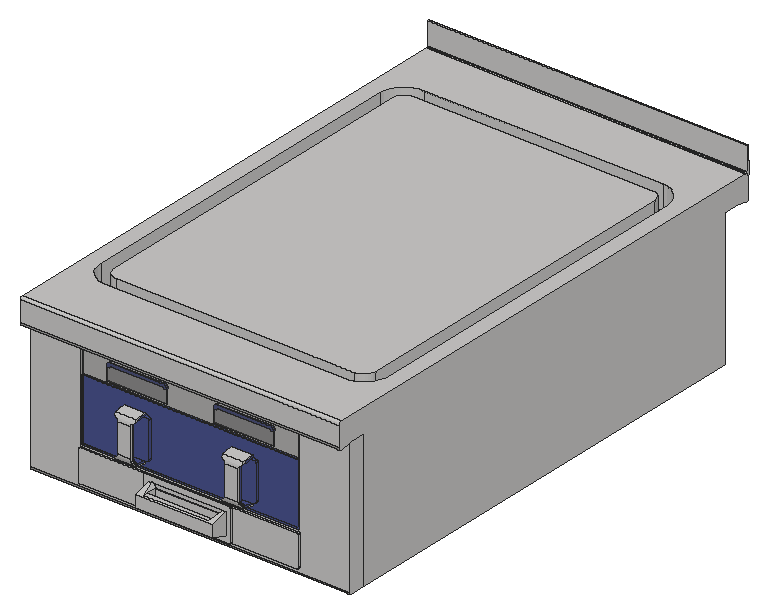
Revit family "QF_ELECTROLUXPROFESSIONAL_588323_MATAABEOAO", category Specialty Equipment, Revit 2018
Family settings
  Round Connector Dimension = Use Diameter
  Part Type = Normal
  Work Plane-Based = No
  Always vertical = Yes
  Cut with Voids When Loaded = No
  Shared = No
  Room Calculation Point = No
Parameters
  Weight in Pounds = 165.347
  Watts = 6000 VA  # 6000 W
  Volts = 400 V  # constant formula
  URL Cutsheet = ""
  Type Mark [instance] = ""
  Status [instance] = ""
  Specification by User [instance] = ""
  Specification by Manufacturer = ""
  Show Clearance [instance] = yes
  Serial Number = ""
  Seismic Rating = ""
  SMACNA No = ""
  Revision Code [instance] = ""
  Phase = 3  # constant formula
  Omniclass Number and Title = ""
  Number of Poles [instance] = 1
  NAFEM Spec ID Number = ""
  Model = "588323"
  Min Ckt Ampacity = 0 A
  Max Overcurrent Protection = 0 A
  Masterspec = ""
  Manufacturer = "ELECTROLUX"
  Item Number [instance] = ""
  Installed By [instance] = ""
  Identify Quantity as Lot [instance] = yes
  HP = "8 HP"
  Furnished By [instance] = ""
  Foodservice Equipment Identifier [instance] = yes
  FL Amps [instance] = if(Phase = 3, Watts / (Volts * 1.73), Watts / Volts)  # 8.67052 A
  Electrical Remarks = "400 V/3N ph/50/60 Hz"  # constant formula
  Electric Connection Type [instance] = ""
  Elec Conn RI Height [instance] = 0 mm
  Elec Conn Connection Height [instance] = 0 mm
  Direct Waste Size = 0"
  Description = "EL.FREE COOKING TOP,1S,BS,500X800X250H"
  Cycle [instance] = if([60 Hertz Option], 60 Hz, 50 Hz)  # 60 Hz
  Conn Plug = ""
  Conn Conduit = yes
  CSI MasterFormat = ""
  CSI Master Format = ""
  Apparent Power [instance] = if(Phase = 3, Volts * FL Amps * 1.73, Volts * FL Amps)  # 6000 VA
  60 Hertz Option [instance] = not([50 Hertz Option])  # yes
  50 Hertz Option [instance] = no
Reference planes
  plane 1 "BACK": y = 0
  plane 2: z = 0
  plane 3 "LEFT": x = 0
  plane 4 "RIGHT": x = 500
  plane 5 "FRONT": y = -800
  plane 6 "TOP": z = 250
  plane 7: x = 250
  plane 8: y = -400
  plane 9: z = 288
  plane 10: y = -1230
  plane 11: x = 455
Forms (mm)
  Extrusion 1, solid, material "QF_Finishes_Stainless Steel"
    sketch origin (0, -487.128, 0) x (0, 1, 0) y (0, 0, 1)
      loop
        line (483.128, 250) -> (-308.872, 250)
        arc (-308.872, 250) -> (-311.7, 248.828) -> (-312.872, 246) r 4
        line (-312.872, 246) -> (-312.872, 214)
        arc (-312.872, 214) -> (-311.437, 210.931) -> (-308.161, 210.064) r 4
        line (-308.161, 210.064) -> (-292.872, 213) -> (-267.872, 213) -> (-267.872, 0) -> (441.128, 0) -> (441.128, 213) -> (465.765, 213) -> (482.433, 210.061)
        arc (482.433, 210.061) -> (485.699, 210.936) -> (487.128, 214) r 4
        line (487.128, 214) -> (487.128, 246)
        arc (487.128, 246) -> (485.956, 248.828) -> (483.128, 250) r 4
    from 0 to 500
  Extrusion 2, void
    sketch origin (653.786, 44.048, 250) x (1, 0, 0) y (0, -1, 0)
      loop
        line (-590.636, 133.048) -> (-216.936, 133.048)
        arc (-216.936, 133.048) -> (-189.96, 144.222) -> (-178.786, 171.198) r 38.15
        line (-178.786, 171.198) -> (-178.786, 716.572)
        arc (-178.786, 716.572) -> (-190.056, 743.779) -> (-217.263, 755.048) r 38.476
        line (-217.263, 755.048) -> (-591.786, 755.048)
        arc (-591.786, 755.048) -> (-617.949, 744.211) -> (-628.786, 718.048) r 37
        line (-628.786, 718.048) -> (-628.786, 171.198)
        arc (-628.786, 171.198) -> (-617.613, 144.222) -> (-590.636, 133.048) r 38.15
    from 0 to 37
  Extrusion 3, solid, material "QF_Finishes_Stainless Steel"
    sketch origin (0, -655, 0) x (1, 0, 0) y (0, -1, 0)
      loop
        circle (455, -70) r 6.35
    from 0 to 3.2
  Extrusion 4, solid, material "QF_Door-Drawer Clearances", visible <- "Show Clearance", detail levels coarse
    sketch origin (287.31, -782.593, 8.62) x (0, 0, 1) y (-1, 0, 0)
      loop
        line (1.973, -134.295) -> (49.317, -134.295)
        arc (49.317, -134.295) -> (50.776, -133.691) -> (51.38, -132.232) r 2.063
        line (51.38, -132.232) -> (51.38, 206.852)
        arc (51.38, 206.852) -> (50.88, 208.549) -> (49.541, 209.705) r 3.133
        line (49.541, 209.705) -> (3.067, 209.705)
        arc (3.067, 209.705) -> (0.898, 208.807) -> (0, 206.638) r 3.067
        line (0, 206.638) -> (0, -132.322)
        arc (0, -132.322) -> (0.578, -133.717) -> (1.973, -134.295) r 1.973
    from 0 to 447.407
  Extrusion 5, solid, material "QF_Finishes_Stainless Steel"
    sketch origin (653.786, 44.048, 213) x (1, 0, 0) y (0, 1, 0)
      loop
        line (-608.786, -171.198) -> (-608.786, -716.898)
        arc (-608.786, -716.898) -> (-603.47, -729.732) -> (-590.636, -735.048) r 18.15
        line (-590.636, -735.048) -> (-216.936, -735.048)
        arc (-216.936, -735.048) -> (-204.102, -729.732) -> (-198.786, -716.898) r 18.15
        line (-198.786, -716.898) -> (-198.786, -171.198)
        arc (-198.786, -171.198) -> (-204.102, -158.364) -> (-216.936, -153.048) r 18.15
        line (-216.936, -153.048) -> (-590.636, -153.048)
        arc (-590.636, -153.048) -> (-603.47, -158.364) -> (-608.786, -171.198) r 18.15
    from 0 to 37
  Extrusion 6, solid, material "QF_Finishes_Stainless Steel"
    sketch origin (0, -950.048, 0) x (0, -1, 0) y (0, 0, -1)
      loop
        arc (-948.097, -252.006) -> (-947.511, -250.592) -> (-946.097, -250.006) r 2
        arc (-946.097, -250.006) -> (-948.877, -248.828) -> (-950.048, -246) r 4
        line (-950.048, -246) -> (-950.048, -288.006) -> (-948.097, -288.006) -> (-948.097, -252.006)
    from 0 to 500
Cuts and joins
  Extrusion 2 cuts Extrusion 1
Lines and regions (mm)
  symbolic lines
    curve 1: line (25, -674, 0) -> (25, -127.15, 0)
    curve 2: arc (25, -127.15, 0) -> (36.174, -100.174, 0) -> (63.15, -89, 0) r 38.15
    curve 3: line (63.15, -89, 0) -> (436.85, -89, 0)
    curve 4: arc (436.85, -89, 0) -> (463.826, -100.174, 0) -> (475, -127.15, 0) r 38.15
    curve 5: line (475, -127.15, 0) -> (475, -672.524, 0)
    curve 6: arc (475, -672.524, 0) -> (463.731, -699.731, 0) -> (436.524, -711, 0) r 38.476
    curve 7: line (436.524, -711, 0) -> (62, -711, 0)
    curve 8: arc (62, -711, 0) -> (35.837, -700.163, 0) -> (25, -674, 0) r 37
    curve 9: line (0, 0, 0) -> (500, 0, 0)
    curve 10: line (0, -800, 0) -> (0, 0, 0)
    curve 11: line (500, -800, 0) -> (0, -800, 0)
    curve 12: line (500, 0, 0) -> (500, -800, 0)
  symbolic lines, style "QF_Door-Drawer Clearances"
    curve 13: line (77.605, -1230, 0) -> (77.605, -800, 0)
    curve 14: line (77.605, -1230, 0) -> (421.605, -1230, 0)
    curve 15: line (421.605, -1230, 0) -> (421.605, -800, 0)
  symbolic lines, style "SpecialityEquipment"
    curve 16: line (455, -672.85, 0) -> (455, -127.15, 0)
    curve 17: arc (455, -127.15, 0) -> (449.684, -114.316, 0) -> (436.85, -109, 0) r 18.15
    curve 18: line (436.85, -109, 0) -> (63.15, -109, 0)
    curve 19: arc (63.15, -109, 0) -> (50.316, -114.316, 0) -> (45, -127.15, 0) r 18.15
    curve 20: line (45, -127.15, 0) -> (45, -672.85, 0)
    curve 21: arc (45, -672.85, 0) -> (50.316, -685.684, 0) -> (63.15, -691, 0) r 18.15
    curve 22: line (63.15, -691, 0) -> (436.85, -691, 0)
    curve 23: arc (436.85, -691, 0) -> (449.684, -685.684, 0) -> (455, -672.85, 0) r 18.15
    curve 24: line (0, -1.951, 0) -> (500, -1.951, 0)
Dimensions and locks
  plane 3 "LEFT" to plane 4 "RIGHT" = 500 mm
  plane 5 "FRONT" to plane 1 "BACK" = 800 mm
  equal spacing: plane 3 "LEFT", plane 7, plane 4 "RIGHT"
  equal spacing: plane 5 "FRONT", plane 8, plane 1 "BACK"
  plane 6 "TOP" to level = 250 mm  (x2)
  plane 1 "BACK" to plane 5 "FRONT" = 800 mm
  Extrusion 3 sketch curve to plane 1 "BACK" = 585 mm
  Extrusion 3 sketch curve to plane 4 "RIGHT" = 45 mm
  plane 5 "FRONT" to plane 10 = 430 mm
  plane 1 "BACK" to Extrusion 3 = 585 mm
  plane 11 to plane 4 "RIGHT" = 45 mm
  plane 9 to plane 6 "TOP" = 38 mm
  plane 9 to level = 288 mm
  aligned and locked: level to plane 2
  aligned and locked: plane 7 to nested 1
  aligned and locked: Extrusion 4 to plane 10
  aligned and locked: Extrusion 1 to plane 4 "RIGHT"
Automatic sketch dimensions
  Extrusion 1 sketch curve to plane 5 "FRONT" = 0 mm
  Extrusion 1 sketch curve to plane 6 "TOP" = 0 mm
  Extrusion 1 sketch curve to level = 0 mm
  Extrusion 1 sketch curve to plane 1 "BACK" = 0 mm
  Extrusion 1 sketch curve to plane 6 "TOP" = 37 mm  (x2)
  Extrusion 1 sketch curve to plane 5 "FRONT" = 4 mm
  Extrusion 1 sketch curve to plane 5 "FRONT" = 20 mm
  Extrusion 1 sketch curve to plane 5 "FRONT" = 45 mm
  plane 1 "BACK" to Extrusion 1 sketch curve = 21.363 mm
  plane 1 "BACK" to Extrusion 1 sketch curve = 4 mm  (x2)
  Extrusion 1 sketch curve to Extrusion 1 sketch curve = 4 mm
  Extrusion 1 sketch curve to Extrusion 1 sketch curve = 0.711 mm
  plane 1 "BACK" to Extrusion 1 sketch curve = 4.695 mm
  Extrusion 1 sketch curve to Extrusion 1 sketch curve = 0 mm  (x2)
  Extrusion 1 sketch curve to Extrusion 1 sketch curve = 1 mm  (x2)
  plane 1 "BACK" to Extrusion 1 sketch curve = 46 mm
  Extrusion 4 sketch curve to nested 1 = 1.973 mm
  Extrusion 4 sketch curve to nested 1 = 2.853 mm
  Extrusion 4 sketch curve to nested 1 = 1.839 mm
  Extrusion 1 to Extrusion 2 sketch curve = 25 mm  (x2)
  Extrusion 1 to Extrusion 2 sketch curve = 85 mm
  Extrusion 2 sketch curve to Extrusion 2 sketch curve = 37 mm
  Extrusion 2 sketch curve to Extrusion 2 sketch curve = 38.15 mm
  Extrusion 1 to Extrusion 2 sketch curve = 63.476 mm
  Extrusion 1 to Extrusion 2 sketch curve = 63.15 mm
  Extrusion 1 to Extrusion 2 sketch curve = 123.15 mm
  Extrusion 5 sketch curve to Extrusion 2 = 20 mm  (x3)
  Extrusion 5 sketch curve to Extrusion 2 = 38.15 mm  (x5)
  curve 2 to curve 19 = 0 mm  (x2)
  curve 4 to curve 17 = 0 mm  (x2)
  plane 1 "BACK" to curve 9 = 0 mm
  curve 9 to plane 4 "RIGHT" = 0 mm
  curve 14 to plane 10 = 0 mm
  curve 10 to plane 3 "LEFT" = 0 mm
  plane 5 "FRONT" to curve 10 = 0 mm
  plane 4 "RIGHT" to curve 5 = 25 mm
  curve 4 to curve 16 = 20 mm
  curve 16 to curve 18 = 18.15 mm
  curve 16 to curve 22 = 18.15 mm
  curve 23 to curve 7 = 0.326 mm
  plane 4 "RIGHT" to curve 14 = 78.395 mm
  plane 3 "LEFT" to curve 3 = 63.15 mm
  plane 3 "LEFT" to curve 22 = 63.15 mm
  curve 21 to curve 7 = 1.15 mm
  curve 2 to curve 20 = 18.15 mm
  plane 3 "LEFT" to curve 14 = 77.605 mm
  plane 1 "BACK" to curve 3 = 89 mm
  curve 5 to plane 5 "FRONT" = 127.476 mm
  curve 20 to curve 8 = 1.15 mm
  Extrusion 6 sketch curve to plane 1 "BACK" = 0 mm  (x2)
  Extrusion 6 sketch curve to plane 6 "TOP" = 2.006 mm
  Extrusion 6 sketch curve to plane 6 "TOP" = 0 mm
  Extrusion 6 sketch curve to Extrusion 6 sketch curve = 1.951 mm
  Extrusion 6 sketch curve to Extrusion 6 sketch curve = 2 mm
  Extrusion 6 sketch curve to Extrusion 6 sketch curve = 0.049 mm
  Extrusion 6 sketch curve to Extrusion 6 sketch curve = 36 mm
  Extrusion 6 sketch curve to Extrusion 6 sketch curve = 0 mm
  radius of Extrusion 3 sketch curve = 6.35 mm
  radius of Extrusion 4 sketch curve to nested 1 = 0 mm  (x2)
Nested families
  nested 1: "EG_800_500_Double Front Panel with Center Grease Trap" at (202.376, -755, -650), type "EG_800_500_Double Front Panel with Center Grease Trap"
Connectors
  electrical at (455, -585, -3.2), driven by "Volts", driven by "Watts"
    settings: on Extrusion 3, index 1, voltage 400 V, apparent load 6000 VA, apparent load phase1 0 VA, apparent load phase2 0 VA, apparent load phase3 0 VA, power factor 1, load classification "Other", number of poles 1, system type 30, power factor state 1, is connector primary yes, connector utility no, sub classification motor no, connector description "ELECTRICAL CONNECTION"
Definition of nested family "EG_800_500_Double Front Panel with Center Grease Trap"
  Reference planes
    plane 1 "Center (Front/Back)": y = 0
    plane 2: z = 0
    plane 3 "Center (Left/Right)": x = 47.624
    plane 4: x = -202.376
    plane 5: x = 297.624
    plane 6: y = -45
  Forms (mm)
    Extrusion 1, solid
      sketch origin (833.217, 829.203, -1.25) x (0, 1, 0) y (0, 0, 1)
        loop
          arc (-854.203, 654.25) -> (-853.324, 652.129) -> (-851.203, 651.25) r 3
          line (-851.203, 651.25) -> (-829.203, 651.25) -> (-829.203, 864.25) -> (-854.203, 864.25) -> (-854.203, 654.25)
      from -1035.593 to -535.593
    Extrusion 2, void
      sketch origin (33.217, 829.203, -1.25) x (1, 0, 0) y (0, 0, 1)
        loop
          line (-157.593, 855.116) -> (-157.593, 713.116) -> (186.407, 713.116) -> (186.407, 855.116) -> (-157.593, 855.116)
      from 848.59 to 854.203
  Cuts and joins
    Extrusion 2 cuts Extrusion 1
  Dimensions and locks
    equal spacing: plane 5, plane 3 "Center (Left/Right)", plane 4
    plane 5 to plane 4 = 500 mm
    equal spacing: nested 4, nested 2, nested 1
    aligned and locked: cut or joined group of Extrusion 1, Extrusion 2 to plane 4
    aligned and locked: plane 5 to cut or joined group of Extrusion 1, Extrusion 2
    aligned and locked: plane 3 "Center (Left/Right)" to nested 2
    aligned and locked: cut or joined group of Extrusion 1, Extrusion 2 to nested 2
    aligned and locked: plane 3 "Center (Left/Right)" to nested 3
  Automatic sketch dimensions
    Extrusion 1 sketch curve to plane 1 "Center (Front/Back)" = 0 mm
    plane 1 "Center (Front/Back)" to Extrusion 1 sketch curve = 22 mm
    Extrusion 1 sketch curve to Extrusion 1 sketch curve = 3 mm
    level to Extrusion 1 sketch curve = 650 mm
    Extrusion 1 sketch curve to Extrusion 1 sketch curve = 210 mm
    plane 4 to Extrusion 2 sketch curve = 78 mm
    Extrusion 2 sketch curve to plane 5 = 78 mm
    level to Extrusion 2 sketch curve = 711.866 mm
    Extrusion 2 sketch curve to Extrusion 2 sketch curve = 142 mm
  Nested families
    nested 1: "Range Control Handle" at (-36.126, -28.137, -209.113) x (-1, 0, 0) z (0, 0, 1), type "Range Control Handle"
    nested 2: "glass conrol panel" at (47.624, 280.644, 2.752), type "glass conrol panel"
    nested 3: "grease trap door" at (115.223, -25, 0.608) x (-1, 0, 0) z (0, 0, 1), type "grease trap door"
    nested 4: "Range Control Handle" at (131.374, -28.137, -209.113), type "Range Control Handle"
  Definition of nested family "Range Control Handle"
    Reference planes
      plane 1 "Center (Front/Back)": y = 0
      plane 2: z = 0
      plane 3 "Center (Left/Right)": x = 0
      plane 4: z = 971.092
      plane 5: y = -16.9
    Forms (mm)
      Extrusion 1, solid
        sketch origin (-746.28, 380.497, 208.931) x (-1, 0, 0) y (0, 0, 1)
          loop
            line (-770.101, 786.798) -> (-770.101, 731.649)
            arc (-770.101, 731.649) -> (-769.759, 730.563) -> (-768.855, 729.87) r 1.893
            line (-768.855, 729.87) -> (-763.474, 727.911) -> (-729.81, 727.911) -> (-724.428, 729.87)
            arc (-724.428, 729.87) -> (-723.525, 730.563) -> (-723.183, 731.649) r 1.893
            line (-723.183, 731.649) -> (-723.183, 786.798)
            arc (-723.183, 786.798) -> (-723.529, 787.894) -> (-724.44, 788.593) r 1.91
            line (-724.44, 788.593) -> (-729.683, 790.819) -> (-763.601, 790.819) -> (-768.844, 788.593)
            arc (-768.844, 788.593) -> (-769.755, 787.894) -> (-770.101, 786.798) r 1.91
        from -382.35 to -378.852
      Sweep 2, solid
        path origin (-746.788, 380.496, 208.091) x (0, -1, 0) y (0, 0, 1)
          loop
            line (379.775, 793.281) -> (395.661, 791.048)
            arc (395.661, 791.048) -> (397.781, 787.377) -> (398.517, 783.202) r 12.207
            line (398.517, 783.202) -> (398.517, 737.368)
            arc (398.517, 737.368) -> (397.781, 733.193) -> (395.661, 729.522) r 12.207
            line (395.661, 729.522) -> (379.775, 727.289)
        profile origin (-746.788, -7.222, 1000.256) x (0, -0.139173, 0.990268) y (-1, 0, 0)
          loop
            line (0.782, -763.123) -> (0.782, -730.907) -> (-1.322, -730.907) -> (-1.322, -763.123) -> (0.782, -763.123)
      Sweep 3, solid
        path origin (-746.788, 380.715, 207.832) x (0, -1, 0) y (0, 0, 1)
          loop
            line (380.478, 795.442) -> (397.218, 793.09)
            arc (397.218, 793.09) -> (399.929, 788.473) -> (400.871, 783.202) r 15.207
            line (400.871, 783.202) -> (400.871, 737.584)
            arc (400.871, 737.584) -> (399.914, 732.274) -> (397.164, 727.633) r 15.207
            line (397.164, 727.633) -> (380.601, 725.305)
        profile origin (-746.788, -8.132, 1002.099) x (0, -0.139173, 0.990268) y (-1, 0, 0)
          loop
            line (0.782, -763.123) -> (0.782, -730.907) -> (-1.322, -730.907) -> (-1.322, -763.123) -> (0.782, -763.123)
      Extrusion 4, void
        sketch origin (889.253, 220.666, 207.993) x (1, 0, 0) y (0, 0, 1)
          loop
            line (-943.038, 816.854) -> (-943.038, 703.686) -> (-899.466, 734.196) -> (-899.466, 786.344) -> (-943.038, 816.854)
        from 230.636 to 242.25
      Extrusion 5, void
        sketch origin (-888.8, 220.666, 207.993) x (-1, 0, 0) y (0, 0, -1)
          loop
            line (-943.038, -816.854) -> (-899.466, -786.344) -> (-899.466, -734.196) -> (-943.038, -703.686) -> (-943.038, -816.854)
        from 230.636 to 242.25
      Extrusion 6, solid
        sketch origin (0, 0, 0) x (1, 0, 0) y (0, 0, 1)
          loop
            circle (0, 971.092) r 7.736
        from -3.137 to -1.645
    Cuts and joins
      Extrusion 4, Extrusion 5 cuts Sweep 3
      Extrusion 4, Extrusion 5 cuts Sweep 2
      joined: Extrusion 1, Extrusion 6
    Lines and regions (mm)
      symbolic lines
        curve 1: line (16.334, -16.9, 0) -> (16.334, -19.227, 0)
        curve 2: spline (16.334, -19.227, 0) -> (15.87, -19.385, 0) -> (15.404, -19.536, 0) -> (14.936, -19.678, 0) -> (14.466, -19.813, 0) -> (13.995, -19.94, 0) -> (13.523, -20.059, 0) -> (13.049, -20.171, 0) -> (12.575, -20.274, 0) -> (12.099, -20.37, 0) -> (11.622, -20.458, 0) -> (11.144, -20.537, 0) -> (10.666, -20.609, 0)
        curve 3: line (10.666, -16.9, 0) -> (10.666, -20.938, 0)
        curve 4: line (-10.213, -20.938, 0) -> (10.666, -20.938, 0)
        curve 5: line (-10.213, -20.938, 0) -> (-10.213, -16.9, 0)
        curve 6: spline (-10.213, -20.609, 0) -> (-10.691, -20.537, 0) -> (-11.169, -20.458, 0) -> (-11.646, -20.37, 0) -> (-12.122, -20.274, 0) -> (-12.597, -20.171, 0) -> (-13.07, -20.059, 0) -> (-13.542, -19.94, 0) -> (-14.013, -19.813, 0) -> (-14.483, -19.678, 0) -> (-14.951, -19.536, 0) -> (-15.417, -19.385, 0) -> (-15.881, -19.227, 0)
        curve 7: line (-15.881, -19.227, 0) -> (-15.881, -16.9, 0)
  Definition of nested family "glass conrol panel"
    Reference planes
      plane 1 "Center (Front/Back)": y = 0
      plane 2: z = 0
      plane 3 "Center (Left/Right)": x = 0
    Forms (mm)
      Extrusion 1, solid
        sketch origin (378.286, 0, 0.617) x (1, 0, 0) y (0, 0, 1)
          loop
            line (-550.286, 806.791) -> (-550.286, 708.497) -> (-206.286, 708.497) -> (-206.286, 806.791) -> (-550.286, 806.791)
        from 300.031 to 304.8
      Extrusion 2, solid
        sketch origin (378.286, 0, 0.617) x (1, 0, 0) y (0, 0, 1)
          loop
            line (-550.286, 850.497) -> (-550.286, 806.791) -> (-206.286, 806.791) -> (-206.286, 850.497) -> (-550.286, 850.497)
        from 300.031 to 304.8
      Extrusion 3, void
        sketch origin (378.286, 0, 0.617) x (1, 0, 0) y (0, 0, 1)
          loop
            line (-547.628, 847.565) -> (-547.628, 710.699) -> (-209.196, 710.699) -> (-209.196, 847.565) -> (-547.628, 847.565)
        from 303.697 to 304.8
      Extrusion 4, solid
        sketch origin (-392.059, 1.101, -0.633) x (-1, 0, 0) y (0, 0, -1)
          loop
            line (-261.431, -812.62) -> (-355.186, -812.62) -> (-355.186, -834.177) -> (-350.269, -834.177) -> (-348.469, -835.977) -> (-268.039, -835.977) -> (-266.24, -834.177) -> (-261.431, -834.177) -> (-261.431, -812.62)
        from 304.798 to 306.745
      Extrusion 5, solid
        sketch origin (-392.059, 1.101, -0.633) x (-1, 0, 0) y (0, 0, -1)
          loop
            line (-350.269, -834.177) -> (-355.078, -834.177)
            arc (-355.078, -834.177) -> (-353.942, -838.747) -> (-349.686, -840.763) r 5.5
            line (-349.686, -840.763) -> (-266.98, -840.763)
            arc (-266.98, -840.763) -> (-262.706, -838.752) -> (-261.529, -834.177) r 5.549
            line (-261.529, -834.177) -> (-266.24, -834.177) -> (-268.039, -835.977) -> (-348.469, -835.977) -> (-350.269, -834.177)
        from 304.798 to 306.745
      Extrusion 6, solid
        sketch origin (392.059, 1.101, -0.633) x (1, 0, 0) y (0, 0, 1)
          loop
            line (-261.431, 812.62) -> (-261.431, 834.177) -> (-266.24, 834.177) -> (-268.039, 835.977) -> (-348.469, 835.977) -> (-350.269, 834.177) -> (-355.186, 834.177) -> (-355.186, 812.62) -> (-261.431, 812.62)
        from 304.798 to 306.745
      Extrusion 7, solid
        sketch origin (392.059, 1.101, -0.633) x (1, 0, 0) y (0, 0, 1)
          loop
            line (-350.269, 834.177) -> (-348.469, 835.977) -> (-268.039, 835.977) -> (-266.24, 834.177) -> (-261.529, 834.177)
            arc (-261.529, 834.177) -> (-262.706, 838.752) -> (-266.98, 840.763) r 5.549
            line (-266.98, 840.763) -> (-349.686, 840.763)
            arc (-349.686, 840.763) -> (-353.942, 838.747) -> (-355.078, 834.177) r 5.5
            line (-355.078, 834.177) -> (-350.269, 834.177)
        from 304.798 to 306.745
    Cuts and joins
      Extrusion 3 cuts Extrusion 1
      Extrusion 3 cuts Extrusion 2
    Dimensions and locks
      aligned and locked: Extrusion 1 to Extrusion 2
      aligned and locked: Extrusion 5 sketch curve to Extrusion 4  (x5)
      aligned and locked: Extrusion 5 to Extrusion 4
      aligned and locked: Extrusion 7 sketch curve to Extrusion 6  (x4)
      aligned and locked: Extrusion 6 to Extrusion 7 sketch curve
      aligned and locked: Extrusion 7 to Extrusion 6
  Definition of nested family "grease trap door"
    Reference planes
      plane 1 "Center (Front/Back)": y = 0
      plane 2: z = 0
      plane 3 "Center (Left/Right)": x = 0
      plane 4: y = -20
    Forms (mm)
      Extrusion 1, solid
        sketch origin (1627.55, 854.203, -1.25) x (1, 0, 0) y (0, 0, 1)
          loop
            arc (-1627.55, 661.235) -> (-1626.972, 659.84) -> (-1625.577, 659.262) r 1.973
            line (-1625.577, 659.262) -> (-1494.325, 659.262)
            arc (-1494.325, 659.262) -> (-1492.156, 660.16) -> (-1491.258, 662.329) r 3.067
            line (-1491.258, 662.329) -> (-1491.258, 708.803)
            arc (-1491.258, 708.803) -> (-1492.414, 710.143) -> (-1494.111, 710.642) r 3.133
            line (-1494.111, 710.642) -> (-1625.486, 710.642)
            arc (-1625.486, 710.642) -> (-1626.945, 710.038) -> (-1627.55, 708.579) r 2.063
            line (-1627.55, 708.579) -> (-1627.55, 661.235)
        from 856.795 to 859.203
      Extrusion 2, solid
        sketch origin (445.874, 2476.61, 0) x (0, 1, 0) y (0, 0, 1)
          loop
            line (-2506.377, 675.273) -> (-2481.61, 667.505) -> (-2481.61, 700.995) -> (-2506.377, 693.227) -> (-2506.377, 675.273)
        from -437.68 to -317.68
      Extrusion 3, void
        sketch origin (1627.55, 854.203, -1.25) x (1, 0, 0) y (0, 0, 1)
          loop
            line (-1614.883, 703) -> (-1610.542, 695.433) -> (-1508.17, 695.433) -> (-1503.828, 703) -> (-1614.883, 703)
          loop
            line (-1614.883, 668) -> (-1502.669, 668) -> (-1507.01, 675.567) -> (-1610.542, 675.567) -> (-1614.883, 668)
        from 832.916 to 883.97
      Extrusion 4, void
        sketch origin (447.55, 854.203, -1.25) x (1, 0, 0) y (0, 0, 1)
          loop
            line (-430.542, 695.433) -> (-430.542, 675.567) -> (-328.17, 675.567) -> (-328.17, 695.433) -> (-430.542, 695.433)
        from 859.203 to 874.202
      Extrusion 5, solid
        sketch origin (1627.55, 854.203, -1.25) x (1, 0, 0) y (0, 0, 1)
          loop
            arc (-1731.556, 661.235) -> (-1730.978, 659.84) -> (-1729.583, 659.262) r 1.973
            line (-1729.583, 659.262) -> (-1390.623, 659.262)
            arc (-1390.623, 659.262) -> (-1388.454, 660.16) -> (-1387.556, 662.329) r 3.067
            line (-1387.556, 662.329) -> (-1387.556, 708.803)
            arc (-1387.556, 708.803) -> (-1388.712, 710.143) -> (-1390.409, 710.642) r 3.133
            line (-1390.409, 710.642) -> (-1729.493, 710.642)
            arc (-1729.493, 710.642) -> (-1730.952, 710.038) -> (-1731.556, 708.579) r 2.063
            line (-1731.556, 708.579) -> (-1731.556, 661.235)
        from 854.203 to 856.795
    Cuts and joins
      Extrusion 3 cuts Extrusion 1
      Extrusion 3, Extrusion 4 cuts Extrusion 2
      joined: Extrusion 1, Extrusion 2
    Lines and regions (mm)
      model lines
        curve 1: line (67.599, 0, 658.012) -> (67.599, 0, 709.392)
      symbolic lines
        curve 2: line (8.194, -20, 0) -> (8.194, -29.767, 0)
        curve 3: line (8.194, -29.767, 0) -> (128.194, -29.767, 0)
        curve 4: line (128.194, -29.767, 0) -> (128.194, -20, 0)
    Dimensions and locks
      aligned and locked: Extrusion 2 to Extrusion 1
      aligned and locked: Extrusion 3 to Extrusion 2
      aligned and locked: Extrusion 4 to Extrusion 1
